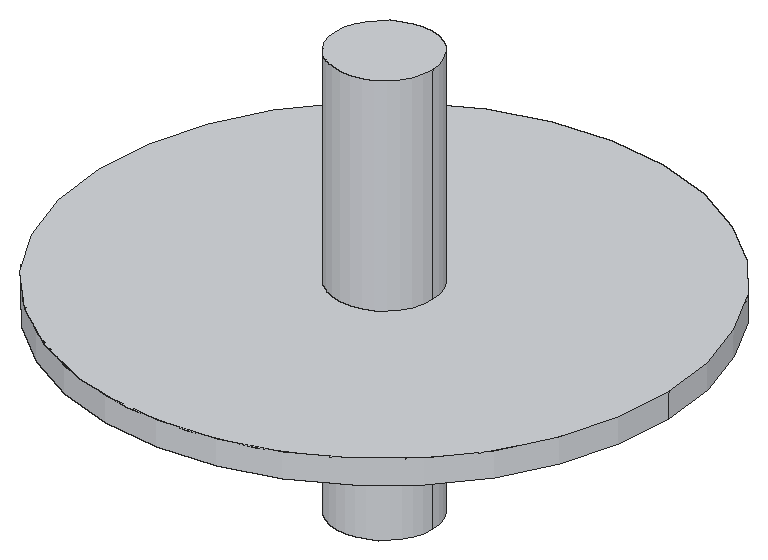
Revit family "80d32a0cff114f548a3f0d9d5f2c18c9", category Sprinklers, host Face, Revit 2021
Family settings
  Host = Face
  Maintain Annotation Orientation = Yes
  Round Connector Dimension = Use Radius
  Part Type = Normal
  OmniClass Number = 23.65.70.17.11.24
  OmniClass Title = Fire Fighting Sprinkler Heads
  Seek Item ID = Sprinkler - Pendent - Semi-Recessed - Hosted-0000-USA-ENU
  Cut with Voids When Loaded = No
  Shared = No
  Room Calculation Point = No
Parameters (values of type "1/2" Pendent")
  Temperature Rating = 135 °F
  Symbol [instance] = Sprinkler - Symbol - Pendent : Sprinkler - Symbol - Pendent
  Response = Standard
  Pressure Drop [instance] = 7.00 psi
  Pressure Class = Standard
  Orifice Size = 1/2"
  Orifice = Standard
  K-Factor = 5.6
  Flow [instance] = 30 GPM
  Escutcheon Diameter = 2 15/16"
  Coverage = Standard
  Nominal Diameter = Nominal Radius * 2  # 1/2"
  Nominal Radius = 1/4"
  Escutcheon Radius = 0.5 * Escutcheon Diameter  # 1 15/32"
  Protrusion = 1 3/16"
  Overall Length = 2 3/8"
  Escutcheon Thickness = 1/8"
  Default Elevation = 8' - 0"
  CEL = 1/4"
  Assembly Code = ""
Types (8): name | Symbol | Pressure Drop | Orifice Size | K-Factor | Flow | Nominal Diameter | Nominal Radius | Protrusion | Overall Length
  1/2" Pendent | Sprinkler - Symbol - Pendent : Sprinkler - Symbol - Pendent | 7.00 psi | 1/2" | 5.6 | 30 GPM | 1/2" | 1/4" | 1 3/16" | 2 3/8"
  1/2" Pendent on Drop | Sprinkler - Symbol - Pendent on Drop : Sprinkler - Symbol - Pendent on Drop | 7.00 psi | 1/2" | 5.6 | 30 GPM | 1/2" | 1/4" | 1 3/16" | 2 3/8"
  1/2" Pendent on Drop with Guard | Sprinkler - Symbol - Pendent on Drop with Guard : Sprinkler - Symbol - Pendent on Drop with Guard | 7.00 psi | 1/2" | 5.6 | 30 GPM | 1/2" | 1/4" | 1 3/16" | 2 3/8"
  1/2" Pendent with Guard | Sprinkler - Symbol - Pendent with Guard : Sprinkler - Symbol - Pendent with Guard | 7.00 psi | 1/2" | 5.6 | 30 GPM | 1/2" | 1/4" | 1 3/16" | 2 3/8"
  3/4" Pendent | Sprinkler - Symbol - Pendent : Sprinkler - Symbol - Pendent | 14.00 psi | 17/32" | 8 | 43 GPM | 3/4" | 3/8" | 1 3/8" | 2 1/2"
  3/4" Pendent on Drop | Sprinkler - Symbol - Pendent on Drop : Sprinkler - Symbol - Pendent on Drop | 14.00 psi | 17/32" | 8 | 43 GPM | 3/4" | 3/8" | 1 3/8" | 2 1/2"
  3/4" Pendent on Drop with Guard | Sprinkler - Symbol - Pendent on Drop with Guard : Sprinkler - Symbol - Pendent on Drop with Guard | 14.00 psi | 17/32" | 8 | 43 GPM | 3/4" | 3/8" | 1 3/8" | 2 1/2"
  3/4" Pendent with Guard | Sprinkler - Symbol - Pendent with Guard : Sprinkler - Symbol - Pendent with Guard | 14.00 psi | 17/32" | 8 | 43 GPM | 3/4" | 3/8" | 1 3/8" | 2 1/2"
Reference planes (in)
  plane 1 "Center (Front/Back)": y = 0
  plane 2: z = 0
  plane 3 "Center (Left/Right)": x = 0
  plane 4: z = -1.1875
  plane 5: z = 0.125
  plane 6: z = 1.1875
  plane 7: z = -0.9375
Forms (in)
  Extrusion 1, solid
    sketch origin (0, 0, 0) x (1, 0, 0) y (0, 1, 0)
      loop
        circle (0, 0) r 0.25
    from -0.9375 to 1.1875
  Extrusion 2, solid
    sketch origin (0, 0, 0) x (1, 0, 0) y (0, 1, 0)
      loop
        circle (0, 0) r 1.46875
    from 0 to 0.125
Cuts and joins
  joined: Extrusion 1, Extrusion 2
Dimensions and locks (in)
  "Escutcheon Thickness": plane 5 to level
  "Protrusion": plane 6 to level
  "Overall Length": plane 6 to plane 4
  "CEL": plane 7 to plane 4
  "Nominal Radius": radius of Extrusion 1 sketch curve
  "Escutcheon Radius": radius of Extrusion 2 sketch curve
  aligned and locked: plane 2 to host face
  aligned and locked: level to host face
  aligned and locked: Extrusion 2 to level
  aligned and locked: plane 5 to Extrusion 2
  aligned and locked: plane 6 to Extrusion 1
  aligned and locked: Extrusion 1 to plane 7
Automatic sketch dimensions
  Extrusion 1 sketch curve to plane 1 "Center (Front/Back)" = 0' - 0"
  Extrusion 1 sketch curve to plane 3 "Center (Left/Right)" = 0' - 0"
  Extrusion 2 sketch curve to plane 1 "Center (Front/Back)" = 0' - 0"
  Extrusion 2 sketch curve to plane 3 "Center (Left/Right)" = 0' - 0"
  host sketch curve to host sketch curve = 8' - 0"  (x2)
Nested families (in)
  nested 1: "Sprinkler - Symbol - Pendent" at (0, 0, 0), type <- "Symbol", type "Sprinkler - Symbol - Pendent"
Connectors (in)
  piping at (0, 0, -0.9375), diameter 0.5, driven by "Nominal Radius", driven by "Flow", driven by "Pressure Drop"
    settings: on cut or joined group of Extrusion 1, Extrusion 2, index 1, connector inside diameter 1/2", connector length 0' - 0", flow factor 0, pipe flow 30 GPM, pressure drop 7.00 psi, fitting loss kfactor 0, connector angle 0.00°, fixture units 0, engagement length 0' - 0", angle of deflection 0.00°, flow configuration 1, flow direction 1, fitting loss method 4, system type 23, joint type 0, gender type 0, connector reference index -1, connector utility 0, adjustable connector no, is connector primary yes, connector description "In"
Definition of nested family "Sprinkler - Symbol - Pendent"
  Parameters
    Symbol Radius = 0.5 * Symbol Diameter  # 0' - 0 1/16"
    Symbol Diameter = 0' - 0 1/8"
  Reference planes (in)
    plane 1: y = 0
    plane 2: x = 0
  Lines and regions (in)
    detail lines
      curve 1: circle (0, 0, 0) r 0.0625 normal (0, 0, 1)
  Dimensions and locks (in)
    "Symbol Radius": radius of curve 1
  Automatic sketch dimensions
    curve 1 to plane 1 = 0' - 0"
    curve 1 to plane 2 = 0' - 0"
